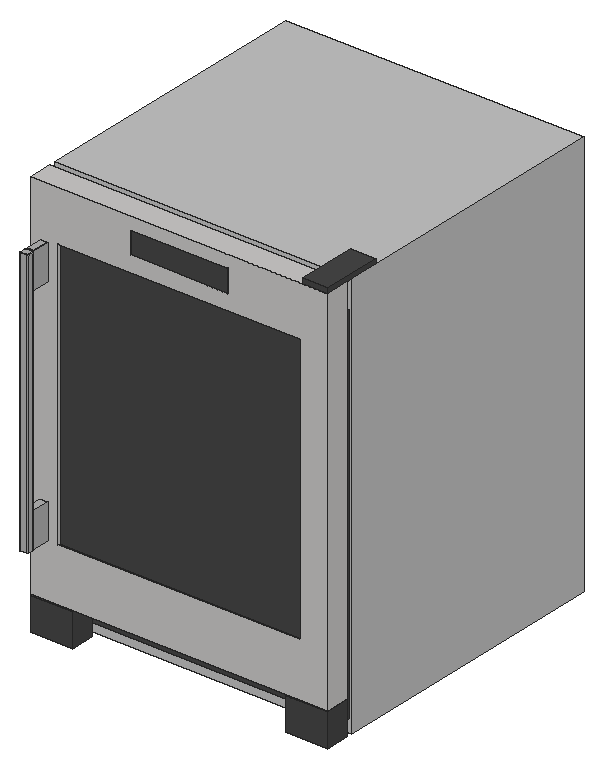
Revit family "FP_Revit_18_RF306RDWX1_Wine_Cabinets_90001125A", category Specialty Equipment, Revit 2018
Family settings
  Round Connector Dimension = Use Diameter
  Part Type = Normal
  OmniClass Number = 23.40.40.11.11.17
  OmniClass Title = Refrigerator-Freezer
  Work Plane-Based = No
  Always vertical = Yes
  Cut with Voids When Loaded = Yes
  Shared = No
  Room Calculation Point = No
Parameters (values of type "RF106RDWX1")
  Visibility - Clearance Required = yes
  URL = "www.fisherpaykel.com"
  Product - Width = 595 mm  # constant formula
  Product - Height = 825 mm
  Product - Depth = 690 mm  # constant formula
  Model = "RF106RDWX1"
  Material - Trim = Fisher & Paykel - Black
  Material - Handle = Fisher & Paykel - Aluminium
  Material - Door Glass = Fisher & Paykel - Black
  Material - Door Front = Fisher & Paykel - Stainless Steel
  Material - Body = Fisher & Paykel - Grey
  Manufacturer = "Fisher & Paykel Appliances"
  Description = "Wine Cabinet - 50 Bottle Dual Zone"
  Connector Description - Electrical = "230 V, 15 A, fused electrical supply"
  Cavity - Width = 635 mm  # constant formula
  Cavity - Height = 875 mm
  Cavity - Depth = 669 mm  # constant formula
Types (5, lengths in mm): name | Product - Height | Model | Description | Cavity - Height
  (no name) | 825 | "RF106RDWX1" | "Wine Cabinet - 50 Bottle Dual Zone" | 875
  RF106RDWX1 | 825 | "RF106RDWX1" | "Wine Cabinet - 50 Bottle Dual Zone" | 875
  RF206RDWX1 | 1270 | "RF206RDWX1" | "Wine Cabinet - 83 Bottle Dual Zone" | 1320
  RF306RDWX1 | 1660 | "RF306RDWX1" | "Wine Cabinet - 127 Bottle Dual Zone" | 1710
  RF365RDWX1 | 1855 | "RF356RDWX1" | "Wine Cabinet - 144 Bottle Dual Zone" | 1905
Reference planes
  plane 1 "Datum": y = 0
  plane 2: z = 0
  plane 3 "Center (Left/Right)": x = 0
  plane 4 "Product LHS": x = -297.5
  plane 5 "Product RHS": x = 297.5
  plane 6 "Product - Depth": y = 639
  plane 7 "Cavity LHS": x = -317.5
  plane 8 "Cavity RHS": x = 317.5
  plane 9 "Cavity - Depth": y = 669
  plane 10 "Product Height": z = 825
  plane 11 "Cavity Height": z = 875
  plane 12 "Handle": y = -51
  plane 13 "Chassis Front": y = 60
  plane 14 "Chassis Bottom": z = 25
Forms (mm)
  Extrusion 1, solid, material "Fisher & Paykel - Grey" <- "Material - Body"
    sketch origin (0, 0, 0) x (1, 0, 0) y (0, 1, 0)
      loop
        line (-297.5, 639) -> (-297.5, 60) -> (297.5, 60) -> (297.5, 639) -> (-297.5, 639)
    from 0 to 815
  Extrusion 2, solid, material "Fisher & Paykel - Stainless Steel" <- "Material - Door Front"
    sketch origin (0, 0, 0) x (1, 0, 0) y (0, 0, 1)
      loop
        line (297.5, 815) -> (-297.5, 815) -> (-297.5, 67) -> (297.5, 67) -> (297.5, 815)
      loop
        line (-242.5, 175) -> (242.5, 175) -> (242.5, 715) -> (-242.5, 715) -> (-242.5, 175)
      loop
        line (-97.5, 790) -> (-97.5, 745) -> (97.5, 745) -> (97.5, 790) -> (-97.5, 790)
    from -48 to 0
  Extrusion 3, solid, material "Fisher & Paykel - Black" <- "Material - Trim"
    sketch origin (0, 0, 0) x (1, 0, 0) y (0, 1, 0)
      loop
        line (247.5, 120) -> (247.5, 0) -> (297.5, 0) -> (297.5, 120) -> (247.5, 120)
    from 815 to 825
  Extrusion 4, solid, material "Fisher & Paykel - Black" <- "Material - Trim"
    sketch origin (0, 0, 0) x (1, 0, 0) y (0, 0, 1)
      loop
        line (-212.5, 65) -> (-297.5, 65) -> (-297.5, 0) -> (-212.5, 0) -> (-212.5, 65)
      loop
        line (212.5, 65) -> (212.5, 0) -> (297.5, 0) -> (297.5, 65) -> (212.5, 65)
    from -48 to 0
  Extrusion 5, solid, material "Fisher & Paykel - Black" <- "Material - Trim"
    sketch origin (0, 0, 0) x (1, 0, 0) y (0, 0, 1)
      loop
        line (-291.5, 25) -> (291.5, 25) -> (291.5, 757) -> (-291.5, 757) -> (-291.5, 25)
    from -60 to -48
  Extrusion 6, solid, material "Fisher & Paykel - Black" <- "Material - Door Glass"
    sketch origin (0, 0, 0) x (1, 0, 0) y (0, 0, 1)
      loop
        line (-242.5, 715) -> (-242.5, 175) -> (242.5, 175) -> (242.5, 715) -> (-242.5, 715)
    from -8 to -4
  Extrusion 7, solid, material "Fisher & Paykel - Black" <- "Material - Door Glass"
    sketch origin (0, 0, 0) x (1, 0, 0) y (0, 0, 1)
      loop
        line (-97.5, 790) -> (-97.5, 745) -> (97.5, 745) -> (97.5, 790) -> (-97.5, 790)
    from -48 to 0
  Extrusion 8, solid, material "Fisher & Paykel - Aluminium" <- "Material - Handle"
    sketch origin (0, 0, 0) x (1, 0, 0) y (0, 1, 0)
      loop
        line (-277.7, 0) -> (-277.7, -37.713)
        arc (-277.7, -37.713) -> (-269.991, -35.078) -> (-262.287, -37.726) r 12.561
        line (-262.287, -37.726) -> (-262.287, 0) -> (-277.7, 0)
    from 640 to 710
  Extrusion 9, solid, material "Fisher & Paykel - Aluminium" <- "Material - Handle"
    sketch origin (0, 0, 0) x (1, 0, 0) y (0, 1, 0)
      loop
        line (-277.7, 0) -> (-277.7, -37.713)
        arc (-277.7, -37.713) -> (-269.991, -35.078) -> (-262.287, -37.726) r 12.561
        line (-262.287, -37.726) -> (-262.287, 0) -> (-277.7, 0)
    from 175 to 245
  Extrusion 10, solid, material "Fisher & Paykel - Aluminium" <- "Material - Handle"
    sketch origin (0, 0, 0) x (1, 0, 0) y (0, 1, 0)
      loop
        arc (-278, -49.5) -> (-277.561, -50.561) -> (-276.5, -51) r 1.5
        line (-276.5, -51) -> (-263.497, -51)
        arc (-263.497, -51) -> (-262.437, -50.561) -> (-261.997, -49.5) r 1.5
        line (-261.997, -49.5) -> (-261.997, -38.512)
        arc (-261.997, -38.512) -> (-262.102, -38.066) -> (-262.395, -37.714) r 1
        arc (-262.395, -37.714) -> (-269.998, -35.168) -> (-277.602, -37.712) r 12.632
        arc (-277.602, -37.712) -> (-277.895, -38.065) -> (-278, -38.511) r 1
        line (-278, -38.511) -> (-278, -49.5)
    from 175 to 710
  Extrusion 11, solid, material "Fisher & Paykel - Black"
    sketch origin (0, 0, 0) x (0, 1, 0) y (0, 0, 1)
      loop
        arc (556.482, 25) -> (575.882, 0) -> (595.282, 25) r 20.027
        line (595.282, 25) -> (556.482, 25)
    from 265 to 280
  Extrusion 12, solid, material "Fisher & Paykel - Black"
    sketch origin (0, 0, 0) x (0, 1, 0) y (0, 0, -1)
      loop
        line (556.482, -25) -> (595.282, -25)
        arc (595.282, -25) -> (575.882, 0) -> (556.482, -25) r 20.027
    from 265 to 280
  Extrusion 13, solid, material "Fisher & Paykel - Black"
    sketch origin (0, 0, 0) x (1, 0, 0) y (0, 1, 0)
      loop
        circle (255, 30) r 6
      loop
        circle (-255, 30) r 6
    from 12.002 to 25
  Extrusion 14, solid, material "Fisher & Paykel - Black"
    sketch origin (0, 0, 0) x (1, 0, 0) y (0, 1, 0)
      loop
        circle (255, 30) r 18
      loop
        circle (-255, 30) r 18
    from 0 to 12.002
  Sweep 15, void
    path in 3D
      loop
        line (-278, -38.511, 710) -> (-278, -49.5, 710)
        arc (-278, -49.5, 710) -> (-277.561, -50.561, 710) -> (-276.5, -51, 710) r 1.5
        line (-276.5, -51, 710) -> (-263.497, -51, 710)
        arc (-263.497, -51, 710) -> (-262.437, -50.561, 710) -> (-261.997, -49.5, 710) r 1.5
        line (-261.997, -49.5, 710) -> (-261.997, -38.512, 710)
    profile origin (-261.997, -44.006, 710) x (-1, 0, 0) y (0, 0, 1)
      loop
        line (0, 0) -> (0, -1.2) -> (1.2, 0) -> (0, 0)
  Extrusion 16, void
    sketch origin (0, 0, 0) x (1, 0, 0) y (0, 0, 1)
      loop
        line (-278, 708.8) -> (-276.8, 710) -> (-278, 710) -> (-278, 708.8)
      loop
        line (-263.197, 710) -> (-261.997, 708.8) -> (-261.997, 710) -> (-263.197, 710)
    from 0 to 40.424
  Extrusion 17, solid, material "Fisher & Paykel - Black"
    sketch origin (0, 0, 0) x (1, 0, 0) y (0, 0, 1)
      loop
        circle (253.548, 71.191) r 4
    from -669 to -639
  Extrusion 18, solid, material "Fisher & Paykel - Clearance Required", detail levels coarse
    sketch origin (0, 0, 0) x (1, 0, 0) y (0, 1, 0)
      loop
        arc (-297.5, 0) -> (-37.229, -469.388) -> (497.55, -514.976) r 570.5
        line (497.55, -514.976) -> (493.821, -505.04) -> (532.205, -490.634) -> (526.582, -475.653) -> (488.198, -490.06) -> (304.266, 0) -> (297.5, 0) -> (-297.5, 0)
    from 0 to 825
  Extrusion 19, solid, material "Fisher & Paykel - Clearance Required", detail levels coarse
    sketch origin (0, 0, 0) x (1, 0, 0) y (0, 1, 0)
      loop
        line (-297.5, 669) -> (-297.5, 0) -> (297.5, 0) -> (297.5, 669) -> (-297.5, 669)
    from 0 to 875
  Extrusion 20, void
    sketch origin (0, 0, 0) x (1, 0, 0) y (0, 1, 0)
      loop
        line (-297.5, 669) -> (-297.5, 0) -> (297.5, 0) -> (297.5, 669) -> (-297.5, 669)
    from 0 to 875
Cuts and joins
  Sweep 15, Extrusion 16 cuts Extrusion 10
  Extrusion 16 cuts Extrusion 1
  Extrusion 16 cuts Extrusion 8
Lines and regions (mm)
  sketch lines
    curve 1: line (-261.997, -49.5, 710) -> (-261.997, -38.512, 710)
    curve 2: arc (-261.997, -49.5, 710) -> (-262.437, -50.561, 710) -> (-263.497, -51, 710) r 1.5
    curve 3: line (-276.5, -51, 710) -> (-263.497, -51, 710)
    curve 4: arc (-276.5, -51, 710) -> (-277.561, -50.561, 710) -> (-278, -49.5, 710) r 1.5
    curve 5: line (-278, -38.511, 710) -> (-278, -49.5, 710)
Text (mm)
  text "Due to ongoing product development, product details are subject to change without notice. \nPlease always refer to www.fisherpaykel.com for the most current product information. \n© Fisher & Paykel 2020" at (41.04, -727.765, 0), in view "Ref. Level (Plan)"
Dimensions and locks
  equal spacing: plane 4 "Product LHS", plane 3 "Center (Left/Right)", plane 5 "Product RHS"
  "Product - Width": plane 4 "Product LHS" to plane 5 "Product RHS"
  equal spacing: plane 7 "Cavity LHS", plane 3 "Center (Left/Right)", plane 8 "Cavity RHS"
  "Cavity - Width": plane 7 "Cavity LHS" to plane 8 "Cavity RHS"
  "Product - Height": level to plane 10 "Product Height"
  "Cavity - Height": plane 11 "Cavity Height" to level
  locked: plane 12 "Handle" to plane 1 "Datum" at 51
  "Cavity - Depth": plane 1 "Datum" to plane 9 "Cavity - Depth"
  "Product - Depth": plane 6 "Product - Depth" to plane 12 "Handle"
  locked: plane 1 "Datum" to plane 13 "Chassis Front" at 60
  locked: Extrusion 1 to plane 10 "Product Height" at 10
  locked: Extrusion 14 to level at 12.002
  plane 14 "Chassis Bottom" to level = 25 mm
  locked: plane 14 "Chassis Bottom" to Extrusion 11 at 25
  locked: Extrusion 4 to plane 14 "Chassis Bottom" at 40
  locked: Extrusion 2 to plane 14 "Chassis Bottom" at 42
  locked: Extrusion 2 to plane 14 "Chassis Bottom" at 150
  locked: Extrusion 7 to plane 10 "Product Height" at 35
  locked: Extrusion 7 to plane 10 "Product Height" at 80
  locked: Extrusion 10 to plane 10 "Product Height" at 115
  locked: Extrusion 8 to Extrusion 8 at 70
  locked: Extrusion 9 to Extrusion 9 at 70
  locked: Extrusion 5 to plane 10 "Product Height" at 68
  locked: Extrusion 2 to Extrusion 6 at 100
  locked: Extrusion 18 to Extrusion 2 at 110
  aligned and locked: level to plane 2
  aligned and locked: Extrusion 1 sketch curve to plane 4 "Product LHS"
  aligned and locked: Extrusion 1 sketch curve to plane 6 "Product - Depth"
  aligned and locked: Extrusion 1 sketch curve to plane 5 "Product RHS"
  aligned and locked: Extrusion 1 sketch curve to plane 13 "Chassis Front"
  aligned and locked: Extrusion 3 to plane 10 "Product Height"
  aligned and locked: plane 4 "Product LHS" to Extrusion 4 sketch curve
  aligned and locked: plane 5 "Product RHS" to Extrusion 4 sketch curve
  aligned and locked: plane 1 "Datum" to Extrusion 4
  aligned and locked: Extrusion 10 sketch curve to plane 12 "Handle"
  aligned and locked: Extrusion 14 to level
  aligned and locked: Extrusion 4 to Extrusion 1  (x2)
  aligned and locked: Extrusion 9 to Extrusion 2
  aligned and locked: Extrusion 10 to Extrusion 2
  aligned and locked: Extrusion 8 to Extrusion 10
  aligned and locked: Extrusion 3 to Extrusion 1
  aligned and locked: Extrusion 16 to Extrusion 2
  aligned and locked: Extrusion 18 to Extrusion 4
  aligned and locked: Extrusion 18 to plane 10 "Product Height"
  aligned and locked: Extrusion 19 sketch curve to plane 5 "Product RHS"
  aligned and locked: Extrusion 19 sketch curve to plane 9 "Cavity - Depth"
  aligned and locked: Extrusion 19 sketch curve to plane 4 "Product LHS"
  aligned and locked: Extrusion 19 sketch curve to plane 1 "Datum"
  aligned and locked: Extrusion 19 to level
  aligned and locked: Extrusion 19 to plane 11 "Cavity Height"
  aligned and locked: Extrusion 18 to Extrusion 14
  aligned and locked: Extrusion 4 to Extrusion 2
  aligned and locked: Extrusion 5 to Extrusion 11
  aligned and locked: Extrusion 20 to Extrusion 19
  aligned and locked: Extrusion 20 to level
Automatic sketch dimensions
  plane 4 "Product LHS" to Extrusion 2 sketch curve = 0 mm
  plane 5 "Product RHS" to Extrusion 2 sketch curve = 0 mm
  Extrusion 2 sketch curve to plane 4 "Product LHS" = 55 mm
  plane 10 "Product Height" to Extrusion 2 sketch curve = 35 mm
  Extrusion 2 sketch curve to plane 3 "Center (Left/Right)" = 97.5 mm
  plane 3 "Center (Left/Right)" to Extrusion 2 sketch curve = 97.5 mm
  plane 5 "Product RHS" to Extrusion 2 sketch curve = 55 mm
  Extrusion 2 sketch curve to Extrusion 2 sketch curve = 45 mm
  plane 10 "Product Height" to Extrusion 2 sketch curve = 110 mm
  plane 14 "Chassis Bottom" to Extrusion 2 sketch curve = 150 mm
  plane 14 "Chassis Bottom" to Extrusion 2 sketch curve = 42 mm
  plane 10 "Product Height" to Extrusion 2 sketch curve = 10 mm
  plane 1 "Datum" to Extrusion 3 sketch curve = 0 mm
  Extrusion 3 sketch curve to plane 5 "Product RHS" = 0 mm
  Extrusion 3 sketch curve to Extrusion 3 sketch curve = 50 mm
  Extrusion 3 sketch curve to plane 1 "Datum" = 120 mm
  Extrusion 4 sketch curve to level = 0 mm  (x2)
  Extrusion 4 sketch curve to plane 4 "Product LHS" = 85 mm
  plane 14 "Chassis Bottom" to Extrusion 4 sketch curve = 40 mm  (x2)
  plane 5 "Product RHS" to Extrusion 4 sketch curve = 85 mm
  Extrusion 5 sketch curve to plane 4 "Product LHS" = 6 mm
  plane 5 "Product RHS" to Extrusion 5 sketch curve = 6 mm
  Extrusion 5 sketch curve to plane 14 "Chassis Bottom" = 0 mm
  plane 10 "Product Height" to Extrusion 5 sketch curve = 68 mm
  Extrusion 6 sketch curve to plane 4 "Product LHS" = 55 mm
  plane 5 "Product RHS" to Extrusion 6 sketch curve = 55 mm
  plane 14 "Chassis Bottom" to Extrusion 6 sketch curve = 150 mm
  plane 10 "Product Height" to Extrusion 6 sketch curve = 110 mm
  Extrusion 7 sketch curve to plane 3 "Center (Left/Right)" = 97.5 mm
  plane 3 "Center (Left/Right)" to Extrusion 7 sketch curve = 97.5 mm
  plane 10 "Product Height" to Extrusion 7 sketch curve = 80 mm
  plane 10 "Product Height" to Extrusion 7 sketch curve = 35 mm
  plane 1 "Datum" to Extrusion 8 sketch curve = 0 mm
  Extrusion 8 sketch curve to plane 4 "Product LHS" = 19.8 mm
  Extrusion 8 sketch curve to plane 12 "Handle" = 3.361 mm
  Extrusion 8 sketch curve to Extrusion 8 sketch curve = 7.698 mm
  Extrusion 8 sketch curve to Extrusion 8 sketch curve = 7.715 mm
  Extrusion 8 sketch curve to Extrusion 8 sketch curve = 9.913 mm
  plane 1 "Datum" to Extrusion 9 sketch curve = 0 mm
  Extrusion 9 sketch curve to plane 4 "Product LHS" = 19.8 mm
  Extrusion 9 sketch curve to plane 12 "Handle" = 3.361 mm
  Extrusion 9 sketch curve to Extrusion 9 sketch curve = 7.698 mm
  Extrusion 9 sketch curve to Extrusion 9 sketch curve = 7.715 mm
  Extrusion 9 sketch curve to Extrusion 9 sketch curve = 9.913 mm
  Extrusion 10 sketch curve to plane 12 "Handle" = 1.5 mm  (x2)
  Extrusion 10 sketch curve to plane 4 "Product LHS" = 19.5 mm
  Extrusion 10 sketch curve to Extrusion 10 sketch curve = 1 mm  (x2)
  Extrusion 10 sketch curve to plane 12 "Handle" = 3.2 mm
  Extrusion 10 sketch curve to Extrusion 10 sketch curve = 6.5 mm
  Extrusion 10 sketch curve to Extrusion 10 sketch curve = 6.502 mm
  Extrusion 10 sketch curve to Extrusion 10 sketch curve = 10.988 mm
  Extrusion 10 sketch curve to Extrusion 10 sketch curve = 10.989 mm
  Extrusion 10 sketch curve to Extrusion 10 sketch curve = 0 mm
  Extrusion 11 sketch curve to plane 14 "Chassis Bottom" = 0 mm
  Extrusion 11 sketch curve to plane 6 "Product - Depth" = 82.518 mm
  Extrusion 11 sketch curve to plane 14 "Chassis Bottom" = 4.973 mm
  Extrusion 11 sketch curve to Extrusion 11 sketch curve = 19.4 mm
  Extrusion 12 sketch curve to plane 14 "Chassis Bottom" = 0 mm
  Extrusion 12 sketch curve to plane 6 "Product - Depth" = 82.518 mm
  Extrusion 12 sketch curve to plane 14 "Chassis Bottom" = 4.973 mm
  Extrusion 12 sketch curve to Extrusion 12 sketch curve = 19.4 mm
  Extrusion 13 sketch curve to plane 4 "Product LHS" = 42.5 mm
  plane 5 "Product RHS" to Extrusion 13 sketch curve = 42.5 mm
  Extrusion 13 sketch curve to plane 1 "Datum" = 30 mm  (x2)
  Extrusion 14 sketch curve to plane 4 "Product LHS" = 42.5 mm
  plane 5 "Product RHS" to Extrusion 14 sketch curve = 42.5 mm
  Extrusion 14 sketch curve to plane 1 "Datum" = 30 mm  (x2)
  Sweep 15 sketch curve to profile plane = 0 mm  (x2)
  Sweep 15 sketch curve to profile plane = 1.2 mm  (x2)
  Extrusion 16 sketch curve to plane 4 "Product LHS" = 19.5 mm
  Extrusion 16 sketch curve to Extrusion 16 sketch curve = 1.2 mm  (x4)
  Extrusion 16 sketch curve to Extrusion 16 sketch curve = 13.603 mm
  plane 10 "Product Height" to Extrusion 16 sketch curve = 116.2 mm
  Extrusion 16 sketch curve to Extrusion 16 sketch curve = 0 mm
  plane 5 "Product RHS" to Extrusion 17 sketch curve = 43.952 mm
  plane 14 "Chassis Bottom" to Extrusion 17 sketch curve = 46.191 mm
  plane 1 "Datum" to Extrusion 18 sketch curve = 0 mm
  Extrusion 18 sketch curve to plane 4 "Product LHS" = 0 mm
  Extrusion 18 sketch curve to plane 5 "Product RHS" = 0 mm
  Extrusion 18 sketch curve to plane 1 "Datum" = 9.441 mm
  plane 5 "Product RHS" to Extrusion 18 sketch curve = 24.578 mm
  Extrusion 18 sketch curve to Extrusion 18 sketch curve = 6.766 mm
  Extrusion 18 sketch curve to plane 8 "Cavity RHS" = 170.698 mm
  Extrusion 18 sketch curve to Extrusion 18 sketch curve = 5.623 mm
  plane 1 "Datum" to Extrusion 18 sketch curve = 514.976 mm
  Extrusion 18 sketch curve to Extrusion 18 sketch curve = 38.384 mm
  plane 1 "Datum" to Extrusion 18 sketch curve = 490.634 mm
  plane 1 "Datum" to Extrusion 20 sketch curve = 0 mm
  Extrusion 20 sketch curve to plane 4 "Product LHS" = 0 mm
  Extrusion 20 sketch curve to plane 5 "Product RHS" = 0 mm
  Extrusion 20 sketch curve to plane 9 "Cavity - Depth" = 0 mm
  radius of Extrusion 13 sketch curve = 6 mm  (x2)
  radius of Extrusion 14 sketch curve = 18 mm  (x2)
  radius of Extrusion 17 sketch curve = 4 mm
Connectors
  electrical at (253.548, 669, 71.191), driven by "Connector Description - Electrical"
    settings: on Extrusion 17, index 1, voltage 230 V, apparent load 0 VA, apparent load phase1 0 VA, apparent load phase2 0 VA, apparent load phase3 0 VA, power factor 1, load classification "Other", number of poles 1, system type 30, power factor state 1, is connector primary yes, connector utility no, sub classification motor no, connector description "230 V, 15 A, fused electrical supply"
